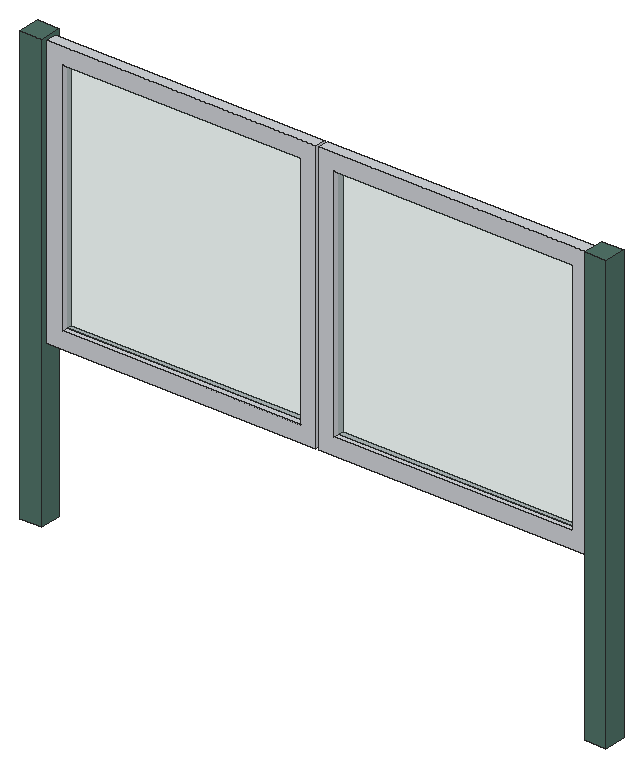
Revit family "Ворота распашные_PROM_US_FENCE", category Специальное оборудование, Revit 2019
Family settings
  Размер круглого соединителя = Использовать диаметр
  Тип детали = Нормальный
  На основе рабочей плоскости = Нет
  Всегда вертикально = Да
  При загрузке вырезать с полостями = Нет
  Общий = Нет
  Точка расчета площади = Нет
Parameters (values of type "PROM-US_Фланец")
  Ширина рамки = 60 mm
  Ширина открывания [instance] = Ширина / 2  # 1000 mm
  Ширина [instance] = 2000 mm
  Таблица = "US_FENCE"  # constant formula
  Фланец (SIT) = yes
  Тип крепления = if([Бетонирование столбы (SI)], 2, if([Фланец (SIT)], 3, 0))  # 3
  Сечение столба = 80 mm
  Материал_Столбы = FENSYS_Столб
  Материал_Сетка = FENSYS_Сетка_50x100
  Изготовитель = "FENSYS"  # constant formula
  Высота [instance] = 1100 mm
  Бетонирование столбы (SI) = no
  Глубина столба = 500 mm  # constant formula
  URL = "https://www.fensys.ru/produkciya/vorota_1.html"
  ADSK_Размер_Ширина [instance] = Ширина  # 2000 mm
  ADSK_Размер_Высота [instance] = Высота  # 1100 mm
  ADSK_Обозначение = "US/SIT/FENCE"
  ADSK_Наименование [instance] = size_lookup(Таблица, "", "Не найдено", ADSK_Размер_Высота, ADSK_Размер_Ширина, Тип крепления)  # "Ворота распашные серии PROM-US: HxW 1100x2000 (оси столбов 2080, профиль 80х80х3 мм), заполнение панель, столбы с регулируемыми петлями, на фланцах под анкерное крепление на бетон"
  ADSK_Масса [instance] = size_lookup(Таблица, "ADSK_Масса", 0, ADSK_Размер_Высота, ADSK_Размер_Ширина, Тип крепления)  # 67
  ADSK_Комплект = "Ворота распашные"  # constant formula
  ADSK_Код изделия [instance] = size_lookup(Таблица, "ADSK_Код изделия", "Не найдено", ADSK_Размер_Высота, ADSK_Размер_Ширина, Тип крепления)  # "38445U"
  ADSK_Завод-изготовитель = Изготовитель  # "FENSYS"
  ADSK_Единица измерения = "шт."  # constant formula
Types (3, lengths in mm): name | Фланец (SIT) | Тип крепления | Бетонирование столбы (SI) | ADSK_Обозначение | ADSK_Наименование | ADSK_Масса | ADSK_Код изделия
  (no name) | yes | 3 | no | "US/SIT/FENCE" | "Ворота распашные серии PROM-US: HxW 1100x2000 (оси столбов 2080, профиль 80х80х3 мм), заполнение панель, столбы с регулируемыми петлями, на фланцах под анкерное крепление на бетон" | 67 | "38445U"
  PROM-US_Под бетонирование | no | 2 | yes | "US/SI/FENCE" | "Ворота распашные серии PROM-US: HxW 1100x2000 (оси столбов 2080, профиль 80х80х3 мм), заполнение панель, столбы с регулируемыми петлями, под бетонирование" | 72 | "46600U"
  PROM-US_Фланец | yes | 3 | no | "US/SIT/FENCE" | "Ворота распашные серии PROM-US: HxW 1100x2000 (оси столбов 2080, профиль 80х80х3 мм), заполнение панель, столбы с регулируемыми петлями, на фланцах под анкерное крепление на бетон" | 67 | "38445U"
Reference planes
  plane 1 "По центру (Вперед/Назад)": y = 0
  plane 2: z = 0
  plane 3 "По центру (Влево/Вправо)": x = 0
  plane 4: x = 2160
  plane 5: y = 40
  plane 6: y = -40
  plane 7: x = 80
  plane 8: x = 2080
  plane 9: z = 1100
  plane 10: z = 100
  plane 11: z = -500
  plane 12: y = 20
  plane 13: y = -20
  plane 14: y = 2
  plane 15: y = -2
  plane 16: z = 1040
  plane 17: z = 1110
  plane 18: y = 2
  plane 19: y = -2
  plane 20: x = 1080
Forms (mm)
  Extrusion 1, solid, material "FENSYS_Столб" <- "Материал_Столбы"
    sketch origin (0, 0, 0) x (1, 0, 0) y (0, 1, 0)
      loop
        line (0, 40) -> (0, -40) -> (80, -40) -> (80, 40) -> (0, 40)
      loop
        line (2080, 40) -> (2080, -40) -> (2160, -40) -> (2160, 40) -> (2080, 40)
    from -500 to 1110
  Extrusion 2, solid, material "FENSYS_Сетка_50x100" <- "Материал_Сетка"
    sketch origin (0, 0, 0) x (1, 0, 0) y (0, 1, 0)
      loop
        line (140, 2) -> (140, -2) -> (1020, -2) -> (1020, 2) -> (140, 2)
    from 160 to 1040
  Extrusion 3, solid
    sketch origin (0, 0, 0) x (1, 0, 0) y (0, 0, 1)
      loop
        line (80, 1100) -> (80, 100) -> (1075, 100) -> (1075, 1100) -> (80, 1100)
      loop
        line (2080, 100) -> (2080, 1100) -> (1085, 1100) -> (1085, 100) -> (2080, 100)
      loop
        line (140, 160) -> (1020, 160) -> (1020, 1040) -> (140, 1040) -> (140, 160)
      loop
        line (2020, 160) -> (2020, 1040) -> (1140, 1040) -> (1140, 160) -> (2020, 160)
    from -20 to 20
  Extrusion 4, solid, material "FENSYS_Сетка_50x100" <- "Материал_Сетка"
    sketch origin (1010, 0, 0) x (1, 0, 0) y (0, 1, 0)
      loop
        line (130, 2) -> (130, -2) -> (1010, -2) -> (1010, 2) -> (130, 2)
    from 160 to 1040
Lines and regions (mm)
  Masking region 1, detail levels coarse
    outline origin (0, 0, 0) x (1, 0, 0) y (0, 1, 0)
      loop
        line (80, 20) -> (80, -20) -> (2080, -20) -> (2080, 20) -> (80, 20)
Dimensions and locks
  equal spacing: plane 6, plane 1 "По центру (Вперед/Назад)", plane 5
  "Сечение столба": plane 3 "По центру (Влево/Вправо)" to plane 7
  "Сечение столба": plane 8 to plane 4
  "ADSK_Размер_Высота": plane 9 to plane 2
  "Глубина столба": plane 2 to plane 11
  plane 10 to plane 2 = 100 mm
  plane 5 to plane 1 "По центру (Вперед/Назад)" = 40 mm
  equal spacing: plane 13, plane 1 "По центру (Вперед/Назад)", plane 12
  plane 1 "По центру (Вперед/Назад)" to plane 12 = 20 mm
  equal spacing: plane 15, plane 1 "По центру (Вперед/Назад)", plane 14
  locked: plane 1 "По центру (Вперед/Назад)" to plane 14 at 2
  "Ширина рамки": plane 9 to plane 16
  "ADSK_Размер_Ширина": plane 7 to plane 8
  locked: plane 17 to plane 9 at 10
  plane 19 to plane 18 = 4 mm
  Extrusion 1 to Extrusion 1 = 2160 mm
  "Сечение столба": plane 5 to plane 6
  equal spacing: plane 8, plane 20, plane 7
  aligned and locked: level to plane 2
  aligned and locked: Extrusion 1 sketch curve to plane 5
  aligned and locked: plane 5 to Extrusion 1 sketch curve
  aligned and locked: plane 6 to Extrusion 1 sketch curve
  aligned and locked: Extrusion 1 sketch curve to plane 6
  aligned and locked: Extrusion 1 sketch curve to plane 4
  aligned and locked: plane 8 to Extrusion 1 sketch curve
  aligned and locked: Extrusion 1 sketch curve to plane 7
  aligned and locked: plane 3 "По центру (Влево/Вправо)" to Extrusion 1 sketch curve
  aligned and locked: Extrusion 1 to plane 11
  aligned and locked: Extrusion 2 sketch curve to plane 14
  aligned and locked: Extrusion 2 sketch curve to plane 15
  aligned and locked: plane 16 to Extrusion 2
  aligned and locked: plane 8 to nested 1
  aligned and locked: nested 1 to plane 1 "По центру (Вперед/Назад)"
  aligned and locked: plane 1 "По центру (Вперед/Назад)" to nested 2
  aligned and locked: plane 7 to nested 2
  aligned and locked: Masking region 1 sketch curve to plane 12
  aligned and locked: Masking region 1 sketch curve to plane 13
  aligned and locked: plane 7 to Masking region 1 sketch curve
  aligned and locked: Masking region 1 sketch curve to plane 8
  aligned and locked: Extrusion 1 to plane 17
  aligned and locked: Extrusion 3 to plane 13
  aligned and locked: Extrusion 3 to plane 12
  aligned and locked: Extrusion 2 to Extrusion 3  (x2)
  aligned and locked: Extrusion 3 to plane 16  (x2)
  aligned and locked: Extrusion 3 to Extrusion 2
  aligned and locked: Extrusion 4 sketch curve to plane 18
  aligned and locked: Extrusion 4 sketch curve to plane 19
  aligned and locked: Extrusion 4 to Extrusion 3  (x4)
  aligned and locked: Extrusion 1 to plane 5
  aligned and locked: plane 6 to Extrusion 1
Automatic sketch dimensions
  plane 7 to Extrusion 2 sketch curve = 60 mm
  Extrusion 2 sketch curve to Extrusion 2 sketch curve = 880 mm
  plane 7 to Extrusion 4 sketch curve = 1060 mm
  Extrusion 4 sketch curve to plane 8 = 60 mm
  Extrusion 3 sketch curve to plane 7 = 0 mm
  Extrusion 3 sketch curve to plane 16 = 0 mm  (x2)
  Extrusion 3 sketch curve to plane 10 = 0 mm  (x3)
  Extrusion 3 sketch curve to plane 9 = 0 mm  (x2)
  Extrusion 3 sketch curve to plane 8 = 0 mm
  plane 7 to Extrusion 3 sketch curve = 60 mm
  Extrusion 3 sketch curve to plane 20 = 5 mm
  Extrusion 3 sketch curve to plane 8 = 60 mm
  plane 10 to Extrusion 3 sketch curve = 60 mm  (x2)
  plane 20 to Extrusion 3 sketch curve = 5 mm
  plane 20 to Extrusion 3 sketch curve = 60 mm
  Extrusion 3 sketch curve to plane 20 = 60 mm
Nested families
  nested 1: "Открываение_Обозначение" at (2080, 0, 0) x (-1, 0, 0) z (0, 0, 1), Ширина <- "Ширина открывания", type "Открываение_Обозначение", detail levels coarse
    with Ширина 1000 mm
  nested 2: "Открываение_Обозначение" at (80, 0, 0), Ширина <- "Ширина открывания", type "Открываение_Обозначение", detail levels coarse
    with Ширина 1000 mm
Definition of nested family "Открываение_Обозначение"
  Parameters (values of type "Открываение_Обозначение")
    Ширина [instance] = 900 mm
  Reference planes
    plane 1 "По центру (Вперед/Назад)": y = 0
    plane 2: z = 0
    plane 3 "По центру (Влево/Вправо)": x = 0
    plane 4: x = 900
  Lines and regions (mm)
    detail lines, in view "Опорный уровень"
      curve 1: line (0, 0, 0) -> (779.423, 450, 0)
  Dimensions and locks
    "Ширина": plane 3 "По центру (Влево/Вправо)" to plane 4
    "Ширина": curve 1 to curve 1
    locked: plane 1 "По центру (Вперед/Назад)" to curve 1 (angle 30.00°)
    aligned and locked: plane 3 "По центру (Влево/Вправо)" to curve 1
    aligned and locked: plane 1 "По центру (Вперед/Назад)" to curve 1
